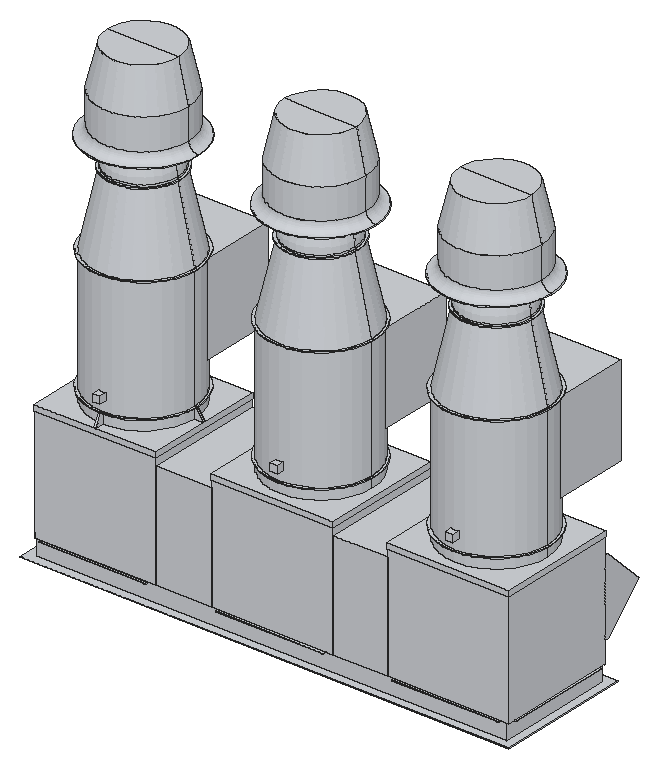
Revit family "QMXVP_with_1X3", category Mechanical Equipment, Revit 2019 (continued)
Types (225): name | UNIT_RADIUS+4" | UNIT_RADIUS*.6 | UNIT_RADIUS | UNIT_RAD+((A/2)+.25")+4" | UNIT_RAD+((A/2)+.25") | UNIT_OD | UNIT_HEIGHT*.75 | UNIT_HEIGHT | TYPE | TRIP_G | TRIP_F | TRIPLE_F+1" | TRANSITION_TOP | RO2/2 | RO/2 | RO | NOZZLE_WB_RAD-2" | NOZZLE_WB_RAD | NOZZLE_WB/4 | NOZZLE_TOP_RAD | NOZZLE_TOP_OD | NOZZLE_SIZE | NOZZLE_HEIGHT/7*2 | NOZZLE_HEIGHT | NOZZLE_BOTTOM_RAD | NOZZLE_WB_OD | NOZZLE_BOTTOM_ID | MB_HT/2 | MB_HT-2.75" | MB_HT+.25" | MB_HT | MB_A | LONG_RO | GA | E | DUAL_G | DUAL_F+1" | DUAL_F | C/2 | C | B/2 | B | A/2 | A+.5 | A | Type Comments | Model | -A | (NOZZLE_WB_OD-NOZZLE_TOP_OD)/2 | (NOZZLE_HEIGHT-(NOZZLE_HEIGHT/8*2))/2 | (A/2)-2" | (A/2)+.25"
  445_QMXHPVP-30H-1X3_Mixing_Box | 2' - 11 17/32" | 2' - 4.37812" | 2' - 7 17/32" | 6' - 0 25/32" | 5' - 8 25/32" | 5' - 3 1/16" | 4' - 7 1/2" | 6' - 2" | 1' - 0" | 22' - 3 3/8" | 22' - 5" | 22' - 6" | 10' - 1 1/4" | 2' - 9 7/32" | 2' - 9 7/32" | 5' - 6 7/16" | 2' - 11" | 3' - 1" | 1' - 2.8" | 1' - 10 3/4" | 3' - 9 1/2" | 30' - 0" | 1' - 7 1/2" | 6' - 6" | 1' - 9 1/4" | 6' - 2" | 3' - 6 1/2" | 3' - 1 27/32" | 6' - 0 15/16" | 6' - 3 15/16" | 6' - 3 11/16" | 8' - 6" | 21' - 9 1/8" | 0' - 0 27/256" | 6' - 0 5/8" | 14' - 2" | 14' - 4 3/4" | 14' - 3 3/4" | 3' - 11 1/2" | 7' - 11" | 8' - 4 1/2" | 16' - 9" | 3' - 1" | 6' - 2 1/2" | 6' - 2" | "Vari-Plume Laboratory Exhaust Mixed-Flow High Pressure Inline Belt Drive With 1X3 Mixing Box\r\n" | "QMXHPVP-1X3_Mixing Box" | -6' - 2" | 0' - 7 1/8" | 2' - 5 1/4" | 2' - 11" | 3' - 1 1/4"
  445_QMXHPVP-30L-1X3_Mixing_Box | 2' - 11 17/32" | 2' - 4.37812" | 2' - 7 17/32" | 6' - 0 25/32" | 5' - 8 25/32" | 5' - 3 1/16" | 4' - 7 1/2" | 6' - 2" | 1' - 0" | 22' - 3 3/8" | 22' - 5" | 22' - 6" | 10' - 1 1/4" | 2' - 9 7/32" | 2' - 9 7/32" | 5' - 6 7/16" | 2' - 11" | 3' - 1" | 1' - 2.8" | 1' - 10 3/4" | 3' - 9 1/2" | 30' - 0" | 1' - 7 1/2" | 6' - 6" | 1' - 9 1/4" | 6' - 2" | 3' - 6 1/2" | 3' - 1 27/32" | 6' - 0 15/16" | 6' - 3 15/16" | 6' - 3 11/16" | 8' - 6" | 21' - 9 1/8" | 0' - 0 27/256" | 6' - 0 5/8" | 14' - 2" | 14' - 4 3/4" | 14' - 3 3/4" | 3' - 11 1/2" | 7' - 11" | 8' - 4 1/2" | 16' - 9" | 3' - 1" | 6' - 2 1/2" | 6' - 2" | "Vari-Plume Laboratory Exhaust Mixed-Flow High Pressure Inline Belt Drive With 1X3 Mixing Box\r\n" | "QMXHPVP-1X3_Mixing Box" | -6' - 2" | 0' - 7 1/8" | 2' - 5 1/4" | 2' - 11" | 3' - 1 1/4"
  445_QMXHPVP-36H-1X3_Mixing_Box | 2' - 11 17/32" | 2' - 4.37812" | 2' - 7 17/32" | 6' - 0 25/32" | 5' - 8 25/32" | 5' - 3 1/16" | 4' - 7 1/2" | 6' - 2" | 1' - 0" | 22' - 3 3/8" | 22' - 5" | 22' - 6" | 8' - 7 1/4" | 2' - 9 7/32" | 2' - 9 7/32" | 5' - 6 7/16" | 3' - 7" | 3' - 9" | 1' - 6" | 2' - 5" | 4' - 10" | 36' - 0" | 1' - 11 3/4" | 7' - 11" | 2' - 1 7/8" | 7' - 6" | 4' - 3 3/4" | 3' - 1 27/32" | 6' - 0 15/16" | 6' - 3 15/16" | 6' - 3 11/16" | 8' - 6" | 21' - 9 1/8" | 0' - 0 27/256" | 6' - 0 5/8" | 14' - 2" | 14' - 4 3/4" | 14' - 3 3/4" | 3' - 11 1/2" | 7' - 11" | 8' - 4 1/2" | 16' - 9" | 3' - 1" | 6' - 2 1/2" | 6' - 2" | "Vari-Plume Laboratory Exhaust Mixed-Flow High Pressure Inline Belt Drive With 1X3 Mixing Box\r\n" | "QMXHPVP-1X3_Mixing Box" | -6' - 2" | 0' - 8" | 2' - 11 5/8" | 2' - 11" | 3' - 1 1/4"
  445_QMXHPVP-36L-1X3_Mixing_Box | 2' - 11 17/32" | 2' - 4.37812" | 2' - 7 17/32" | 6' - 0 25/32" | 5' - 8 25/32" | 5' - 3 1/16" | 4' - 7 1/2" | 6' - 2" | 1' - 0" | 22' - 3 3/8" | 22' - 5" | 22' - 6" | 8' - 7 1/4" | 2' - 9 7/32" | 2' - 9 7/32" | 5' - 6 7/16" | 3' - 7" | 3' - 9" | 1' - 6" | 2' - 5" | 4' - 10" | 36' - 0" | 1' - 11 3/4" | 7' - 11" | 2' - 1 7/8" | 7' - 6" | 4' - 3 3/4" | 3' - 1 27/32" | 6' - 0 15/16" | 6' - 3 15/16" | 6' - 3 11/16" | 8' - 6" | 21' - 9 1/8" | 0' - 0 27/256" | 6' - 0 5/8" | 14' - 2" | 14' - 4 3/4" | 14' - 3 3/4" | 3' - 11 1/2" | 7' - 11" | 8' - 4 1/2" | 16' - 9" | 3' - 1" | 6' - 2 1/2" | 6' - 2" | "Vari-Plume Laboratory Exhaust Mixed-Flow High Pressure Inline Belt Drive With 1X3 Mixing Box\r\n" | "QMXHPVP-1X3_Mixing Box" | -6' - 2" | 0' - 8" | 2' - 11 5/8" | 2' - 11" | 3' - 1 1/4"
  490_QMXHPVP-30H-1X3_Mixing_Box | 3' - 2 11/16" | 2' - 7 7/32" | 2' - 10 11/16" | 6' - 6 15/16" | 6' - 2 15/16" | 5' - 9 3/8" | 5' - 0 3/8" | 6' - 8 1/2" | 1' - 0" | 25' - 3 1/2" | 25' - 5" | 25' - 6" | 11' - 7 3/4" | 3' - 0 1/8" | 3' - 0 1/8" | 6' - 0 1/4" | 2' - 11" | 3' - 1" | 1' - 2.8" | 1' - 10 3/4" | 3' - 9 1/2" | 30' - 0" | 1' - 7 1/2" | 6' - 6" | 1' - 9 1/4" | 6' - 2" | 3' - 6 1/2" | 3' - 7 15/32" | 7' - 0 3/16" | 7' - 3 3/16" | 7' - 2 15/16" | 9' - 5" | 24' - 9 1/4" | 0' - 0 17/128" | 6' - 6 1/2" | 15' - 11" | 16' - 1 3/4" | 16' - 0 3/4" | 4' - 3 1/2" | 8' - 7" | 9' - 1 1/2" | 18' - 3" | 3' - 4" | 6' - 8 1/2" | 6' - 8" | "Vari-Plume Laboratory Exhaust Mixed-Flow High Pressure Inline Belt Drive With 1X3 Mixing Box\r\n" | "QMXHPVP-1X3_Mixing Box" | -6' - 8" | 0' - 7 1/8" | 2' - 5 1/4" | 3' - 2" | 3' - 4 1/4"
  490_QMXHPVP-30L-1X3_Mixing_Box | 3' - 2 11/16" | 2' - 7 7/32" | 2' - 10 11/16" | 6' - 6 15/16" | 6' - 2 15/16" | 5' - 9 3/8" | 5' - 0 3/8" | 6' - 8 1/2" | 1' - 0" | 25' - 3 1/2" | 25' - 5" | 25' - 6" | 11' - 7 3/4" | 3' - 0 1/8" | 3' - 0 1/8" | 6' - 0 1/4" | 2' - 11" | 3' - 1" | 1' - 2.8" | 1' - 10 3/4" | 3' - 9 1/2" | 30' - 0" | 1' - 7 1/2" | 6' - 6" | 1' - 9 1/4" | 6' - 2" | 3' - 6 1/2" | 3' - 7 15/32" | 7' - 0 3/16" | 7' - 3 3/16" | 7' - 2 15/16" | 9' - 5" | 24' - 9 1/4" | 0' - 0 17/128" | 6' - 6 1/2" | 15' - 11" | 16' - 1 3/4" | 16' - 0 3/4" | 4' - 3 1/2" | 8' - 7" | 9' - 1 1/2" | 18' - 3" | 3' - 4" | 6' - 8 1/2" | 6' - 8" | "Vari-Plume Laboratory Exhaust Mixed-Flow High Pressure Inline Belt Drive With 1X3 Mixing Box\r\n" | "QMXHPVP-1X3_Mixing Box" | -6' - 8" | 0' - 7 1/8" | 2' - 5 1/4" | 3' - 2" | 3' - 4 1/4"
  490_QMXHPVP-36H-1X3_Mixing_Box | 3' - 2 11/16" | 2' - 7 7/32" | 2' - 10 11/16" | 6' - 6 15/16" | 6' - 2 15/16" | 5' - 9 3/8" | 5' - 0 3/8" | 6' - 8 1/2" | 1' - 0" | 25' - 3 1/2" | 25' - 5" | 25' - 6" | 10' - 2 3/4" | 3' - 0 1/8" | 3' - 0 1/8" | 6' - 0 1/4" | 3' - 7" | 3' - 9" | 1' - 6" | 2' - 5" | 4' - 10" | 36' - 0" | 1' - 11 3/4" | 7' - 11" | 2' - 1 7/8" | 7' - 6" | 4' - 3 3/4" | 3' - 7 15/32" | 7' - 0 3/16" | 7' - 3 3/16" | 7' - 2 15/16" | 9' - 5" | 24' - 9 1/4" | 0' - 0 17/128" | 6' - 6 1/2" | 15' - 11" | 16' - 1 3/4" | 16' - 0 3/4" | 4' - 3 1/2" | 8' - 7" | 9' - 1 1/2" | 18' - 3" | 3' - 4" | 6' - 8 1/2" | 6' - 8" | "Vari-Plume Laboratory Exhaust Mixed-Flow High Pressure Inline Belt Drive With 1X3 Mixing Box\r\n" | "QMXHPVP-1X3_Mixing Box" | -6' - 8" | 0' - 8" | 2' - 11 5/8" | 3' - 2" | 3' - 4 1/4"
  490_QMXHPVP-36L-1X3_Mixing_Box | 3' - 2 11/16" | 2' - 7 7/32" | 2' - 10 11/16" | 6' - 6 15/16" | 6' - 2 15/16" | 5' - 9 3/8" | 5' - 0 3/8" | 6' - 8 1/2" | 1' - 0" | 25' - 3 1/2" | 25' - 5" | 25' - 6" | 10' - 2 3/4" | 3' - 0 1/8" | 3' - 0 1/8" | 6' - 0 1/4" | 3' - 7" | 3' - 9" | 1' - 6" | 2' - 5" | 4' - 10" | 36' - 0" | 1' - 11 3/4" | 7' - 11" | 2' - 1 7/8" | 7' - 6" | 4' - 3 3/4" | 3' - 7 15/32" | 7' - 0 3/16" | 7' - 3 3/16" | 7' - 2 15/16" | 9' - 5" | 24' - 9 1/4" | 0' - 0 17/128" | 6' - 6 1/2" | 15' - 11" | 16' - 1 3/4" | 16' - 0 3/4" | 4' - 3 1/2" | 8' - 7" | 9' - 1 1/2" | 18' - 3" | 3' - 4" | 6' - 8 1/2" | 6' - 8" | "Vari-Plume Laboratory Exhaust Mixed-Flow High Pressure Inline Belt Drive With 1X3 Mixing Box\r\n" | "QMXHPVP-1X3_Mixing Box" | -6' - 8" | 0' - 8" | 2' - 11 5/8" | 3' - 2" | 3' - 4 1/4"
  540_QMXHPVP-36H-1X3_Mixing_Box | 3' - 6 7/32" | 2' - 10.39687" | 3' - 2 7/32" | 7' - 3 15/32" | 6' - 11 15/32" | 6' - 4 7/16" | 5' - 5 1/4" | 7' - 3" | 1' - 0" | 26' - 4 3/8" | 26' - 6" | 26' - 7" | 11' - 10 1/4" | 3' - 4 9/16" | 3' - 3 9/16" | 6' - 7 1/8" | 3' - 7" | 3' - 9" | 1' - 6" | 2' - 5" | 4' - 10" | 36' - 0" | 1' - 11 3/4" | 7' - 11" | 2' - 1 7/8" | 7' - 6" | 4' - 3 3/4" | 4' - 1 27/32" | 8' - 0 15/16" | 8' - 3 15/16" | 8' - 3 11/16" | 10' - 6" | 25' - 10 1/8" | 0' - 0 17/128" | 7' - 1 3/8" | 16' - 8 7/8" | 17' - 1 1/4" | 17' - 0 1/4" | 4' - 7 1/2" | 9' - 3" | 9' - 11 1/2" | 19' - 11" | 3' - 9" | 7' - 6 1/2" | 7' - 6" | "Vari-Plume Laboratory Exhaust Mixed-Flow High Pressure Inline Belt Drive With 1X3 Mixing Box\r\n" | "QMXHPVP-1X3_Mixing Box" | -7' - 6" | 0' - 8" | 2' - 11 5/8" | 3' - 7" | 3' - 9 1/4"
  540_QMXHPVP-36L-1X3_Mixing_Box | 3' - 6 7/32" | 2' - 10.39687" | 3' - 2 7/32" | 7' - 3 15/32" | 6' - 11 15/32" | 6' - 4 7/16" | 5' - 5 1/4" | 7' - 3" | 1' - 0" | 26' - 4 3/8" | 26' - 6" | 26' - 7" | 11' - 10 1/4" | 3' - 4 9/16" | 3' - 3 9/16" | 6' - 7 1/8" | 3' - 7" | 3' - 9" | 1' - 6" | 2' - 5" | 4' - 10" | 36' - 0" | 1' - 11 3/4" | 7' - 11" | 2' - 1 7/8" | 7' - 6" | 4' - 3 3/4" | 4' - 1 27/32" | 8' - 0 15/16" | 8' - 3 15/16" | 8' - 3 11/16" | 10' - 6" | 25' - 10 1/8" | 0' - 0 17/128" | 7' - 1 3/8" | 16' - 8 7/8" | 17' - 1 1/4" | 17' - 0 1/4" | 4' - 7 1/2" | 9' - 3" | 9' - 11 1/2" | 19' - 11" | 3' - 9" | 7' - 6 1/2" | 7' - 6" | "Vari-Plume Laboratory Exhaust Mixed-Flow High Pressure Inline Belt Drive With 1X3 Mixing Box\r\n" | "QMXHPVP-1X3_Mixing Box" | -7' - 6" | 0' - 8" | 2' - 11 5/8" | 3' - 7" | 3' - 9 1/4"
  540_QMXHPVP-49H-1X3_Mixing_Box | 3' - 6 7/32" | 2' - 10.39687" | 3' - 2 7/32" | 7' - 3 15/32" | 6' - 11 15/32" | 6' - 4 7/16" | 5' - 5 1/4" | 7' - 3" | 1' - 0" | 26' - 4 3/8" | 26' - 6" | 26' - 7" | 10' - 1 1/4" | 3' - 4 9/16" | 3' - 3 9/16" | 6' - 7 1/8" | 4' - 0 1/2" | 4' - 2 1/2" | 1' - 8.2" | 3' - 2" | 6' - 4" | 49' - 0" | 2' - 3 1/2" | 9' - 2" | 2' - 10 11/16" | 8' - 5" | 5' - 9 3/8" | 4' - 1 27/32" | 8' - 0 15/16" | 8' - 3 15/16" | 8' - 3 11/16" | 10' - 6" | 25' - 10 1/8" | 0' - 0 17/128" | 7' - 1 3/8" | 16' - 8 7/8" | 17' - 1 1/4" | 17' - 0 1/4" | 4' - 7 1/2" | 9' - 3" | 9' - 11 1/2" | 19' - 11" | 3' - 9" | 7' - 6 1/2" | 7' - 6" | "Vari-Plume Laboratory Exhaust Mixed-Flow High Pressure Inline Belt Drive With 1X3 Mixing Box\r\n" | "QMXHPVP-1X3_Mixing Box" | -7' - 6" | 0' - 6 1/4" | 3' - 5 1/4" | 3' - 7" | 3' - 9 1/4"
  540_QMXHPVP-49L-1X3_Mixing_Box | 3' - 6 7/32" | 2' - 10.39687" | 3' - 2 7/32" | 7' - 3 15/32" | 6' - 11 15/32" | 6' - 4 7/16" | 5' - 5 1/4" | 7' - 3" | 1' - 0" | 26' - 4 3/8" | 26' - 6" | 26' - 7" | 10' - 1 1/4" | 3' - 4 9/16" | 3' - 3 9/16" | 6' - 7 1/8" | 4' - 0 1/2" | 4' - 2 1/2" | 1' - 8.2" | 3' - 2" | 6' - 4" | 49' - 0" | 2' - 3 1/2" | 9' - 2" | 2' - 10 11/16" | 8' - 5" | 5' - 9 3/8" | 4' - 1 27/32" | 8' - 0 15/16" | 8' - 3 15/16" | 8' - 3 11/16" | 10' - 6" | 25' - 10 1/8" | 0' - 0 17/128" | 7' - 1 3/8" | 16' - 8 7/8" | 17' - 1 1/4" | 17' - 0 1/4" | 4' - 7 1/2" | 9' - 3" | 9' - 11 1/2" | 19' - 11" | 3' - 9" | 7' - 6 1/2" | 7' - 6" | "Vari-Plume Laboratory Exhaust Mixed-Flow High Pressure Inline Belt Drive With 1X3 Mixing Box\r\n" | "QMXHPVP-1X3_Mixing Box" | -7' - 6" | 0' - 6 1/4" | 3' - 5 1/4" | 3' - 7" | 3' - 9 1/4"
  600_QMXHPVP-36H-1X3_Mixing_Box | 3' - 10 7/16" | 3' - 2.19375" | 3' - 6 7/16" | 8' - 1 3/16" | 7' - 9 3/16" | 7' - 0 7/8" | 5' - 11 5/8" | 7' - 11 1/2" | 1' - 0" | 27' - 5 3/8" | 27' - 7" | 27' - 8" | 14' - 2 3/4" | 3' - 10 1/2" | 3' - 8 1/32" | 7' - 4 1/16" | 3' - 7" | 3' - 9" | 1' - 6" | 2' - 5" | 4' - 10" | 36' - 0" | 1' - 11 3/4" | 7' - 11" | 2' - 1 7/8" | 7' - 6" | 4' - 3 3/4" | 4' - 10 19/32" | 9' - 6 7/16" | 9' - 9 7/16" | 9' - 9 3/16" | 12' - 0" | 26' - 11 1/8" | 0' - 0 23/128" | 7' - 10 3/8" | 17' - 7 7/8" | 18' - 1 1/4" | 18' - 0 1/4" | 5' - 1" | 10' - 2" | 10' - 11 1/2" | 21' - 11" | 4' - 2 1/2" | 8' - 5 1/2" | 8' - 5" | "Vari-Plume Laboratory Exhaust Mixed-Flow High Pressure Inline Belt Drive With 1X3 Mixing Box\r\n" | "QMXHPVP-1X3_Mixing Box" | -8' - 5" | 0' - 8" | 2' - 11 5/8" | 4' - 0 1/2" | 4' - 2 3/4"
  600_QMXHPVP-36L-1X3_Mixing_Box | 3' - 10 7/16" | 3' - 2.19375" | 3' - 6 7/16" | 8' - 1 3/16" | 7' - 9 3/16" | 7' - 0 7/8" | 5' - 11 5/8" | 7' - 11 1/2" | 1' - 0" | 27' - 5 3/8" | 27' - 7" | 27' - 8" | 14' - 2 3/4" | 3' - 10 1/2" | 3' - 8 1/32" | 7' - 4 1/16" | 3' - 7" | 3' - 9" | 1' - 6" | 2' - 5" | 4' - 10" | 36' - 0" | 1' - 11 3/4" | 7' - 11" | 2' - 1 7/8" | 7' - 6" | 4' - 3 3/4" | 4' - 10 19/32" | 9' - 6 7/16" | 9' - 9 7/16" | 9' - 9 3/16" | 12' - 0" | 26' - 11 1/8" | 0' - 0 23/128" | 7' - 10 3/8" | 17' - 7 7/8" | 18' - 1 1/4" | 18' - 0 1/4" | 5' - 1" | 10' - 2" | 10' - 11 1/2" | 21' - 11" | 4' - 2 1/2" | 8' - 5 1/2" | 8' - 5" | "Vari-Plume Laboratory Exhaust Mixed-Flow High Pressure Inline Belt Drive With 1X3 Mixing Box\r\n" | "QMXHPVP-1X3_Mixing Box" | -8' - 5" | 0' - 8" | 2' - 11 5/8" | 4' - 0 1/2" | 4' - 2 3/4"
  600_QMXHPVP-49H-1X3_Mixing_Box | 3' - 10 7/16" | 3' - 2.19375" | 3' - 6 7/16" | 8' - 1 3/16" | 7' - 9 3/16" | 7' - 0 7/8" | 5' - 11 5/8" | 7' - 11 1/2" | 1' - 0" | 27' - 5 3/8" | 27' - 7" | 27' - 8" | 12' - 4 3/4" | 3' - 10 1/2" | 3' - 8 1/32" | 7' - 4 1/16" | 4' - 0 1/2" | 4' - 2 1/2" | 1' - 8.2" | 3' - 2" | 6' - 4" | 49' - 0" | 2' - 3 1/2" | 9' - 2" | 2' - 10 11/16" | 8' - 5" | 5' - 9 3/8" | 4' - 10 19/32" | 9' - 6 7/16" | 9' - 9 7/16" | 9' - 9 3/16" | 12' - 0" | 26' - 11 1/8" | 0' - 0 23/128" | 7' - 10 3/8" | 17' - 7 7/8" | 18' - 1 1/4" | 18' - 0 1/4" | 5' - 1" | 10' - 2" | 10' - 11 1/2" | 21' - 11" | 4' - 2 1/2" | 8' - 5 1/2" | 8' - 5" | "Vari-Plume Laboratory Exhaust Mixed-Flow High Pressure Inline Belt Drive With 1X3 Mixing Box\r\n" | "QMXHPVP-1X3_Mixing Box" | -8' - 5" | 0' - 6 1/4" | 3' - 5 1/4" | 4' - 0 1/2" | 4' - 2 3/4"
  600_QMXHPVP-49L-1X3_Mixing_Box | 3' - 10 7/16" | 3' - 2.19375" | 3' - 6 7/16" | 8' - 1 3/16" | 7' - 9 3/16" | 7' - 0 7/8" | 5' - 11 5/8" | 7' - 11 1/2" | 1' - 0" | 27' - 5 3/8" | 27' - 7" | 27' - 8" | 12' - 4 3/4" | 3' - 10 1/2" | 3' - 8 1/32" | 7' - 4 1/16" | 4' - 0 1/2" | 4' - 2 1/2" | 1' - 8.2" | 3' - 2" | 6' - 4" | 49' - 0" | 2' - 3 1/2" | 9' - 2" | 2' - 10 11/16" | 8' - 5" | 5' - 9 3/8" | 4' - 10 19/32" | 9' - 6 7/16" | 9' - 9 7/16" | 9' - 9 3/16" | 12' - 0" | 26' - 11 1/8" | 0' - 0 23/128" | 7' - 10 3/8" | 17' - 7 7/8" | 18' - 1 1/4" | 18' - 0 1/4" | 5' - 1" | 10' - 2" | 10' - 11 1/2" | 21' - 11" | 4' - 2 1/2" | 8' - 5 1/2" | 8' - 5" | "Vari-Plume Laboratory Exhaust Mixed-Flow High Pressure Inline Belt Drive With 1X3 Mixing Box\r\n" | "QMXHPVP-1X3_Mixing Box" | -8' - 5" | 0' - 6 1/4" | 3' - 5 1/4" | 4' - 0 1/2" | 4' - 2 3/4"
  90_QMXHPVP-9H-1X3_Mixing_Box | 0' - 10 13/32" | 0' - 5 49/64" | 0' - 6 13/32" | 2' - 0 21/32" | 1' - 8 21/32" | 1' - 0 13/16" | 1' - 2 29/32" | 1' - 7 7/8" | 1' - 0" | 8' - 3 1/2" | 8' - 4" | 8' - 5" | 3' - 1 1/16" | 0' - 10 1/2" | 0' - 10 1/2" | 1' - 9" | 0' - 9 1/2" | 0' - 11 1/2" | 0' - 4.6" | 0' - 6 3/4" | 1' - 1 1/2" | 9' - 0" | 0' - 7" | 2' - 4" | 0' - 6 13/32" | 1' - 11" | 1' - 0 13/16" | 1' - 2 19/32" | 2' - 2 7/16" | 2' - 5 7/16" | 2' - 5 3/16" | 2' - 10" | 7' - 9 1/4" | 0' - 0 27/256" | 2' - 3 3/16" | 5' - 3 5/16" | 5' - 5 1/4" | 5' - 4 1/4" | 1' - 3" | 2' - 6" | 2' - 8 1/2" | 5' - 5" | 1' - 2" | 2' - 4 1/2" | 2' - 4" | "Vari-Plume Laboratory Exhaust Mixed-Flow High Pressure Inline Belt Drive With 1X3 Mixing Box\r\n" | "QMXHPVP-1X3_Mixing Box" | -2' - 4" | 0' - 2 3/8" | 0' - 10 1/2" | 1' - 0" | 1' - 2 1/4"
  90_QMXHPVP-9L-1X3_Mixing_Box | 0' - 10 13/32" | 0' - 5 49/64" | 0' - 6 13/32" | 2' - 0 21/32" | 1' - 8 21/32" | 1' - 0 13/16" | 1' - 2 29/32" | 1' - 7 7/8" | 1' - 0" | 8' - 3 1/2" | 8' - 4" | 8' - 5" | 3' - 1 1/16" | 0' - 10 1/2" | 0' - 10 1/2" | 1' - 9" | 0' - 9 1/2" | 0' - 11 1/2" | 0' - 4.6" | 0' - 6 3/4" | 1' - 1 1/2" | 9' - 0" | 0' - 7" | 2' - 4" | 0' - 6 13/32" | 1' - 11" | 1' - 0 13/16" | 1' - 2 19/32" | 2' - 2 7/16" | 2' - 5 7/16" | 2' - 5 3/16" | 2' - 10" | 7' - 9 1/4" | 0' - 0 27/256" | 2' - 3 3/16" | 5' - 3 5/16" | 5' - 5 1/4" | 5' - 4 1/4" | 1' - 3" | 2' - 6" | 2' - 8 1/2" | 5' - 5" | 1' - 2" | 2' - 4 1/2" | 2' - 4" | "Vari-Plume Laboratory Exhaust Mixed-Flow High Pressure Inline Belt Drive With 1X3 Mixing Box\r\n" | "QMXHPVP-1X3_Mixing Box" | -2' - 4" | 0' - 2 3/8" | 0' - 10 1/2" | 1' - 0" | 1' - 2 1/4"
  490_QMXVP-49L-1X3_Mixing_Box | 3' - 2 11/16" | 2' - 7 7/32" | 2' - 10 11/16" | 6' - 6 15/16" | 6' - 2 15/16" | 5' - 9 3/8" | 5' - 0 3/8" | 6' - 8 1/2" | 0' - 0" | 25' - 3 1/2" | 25' - 5" | 25' - 6" | 8' - 0 3/4" | 3' - 0 1/8" | 3' - 0 1/8" | 6' - 0 1/4" | 4' - 0 1/2" | 4' - 2 1/2" | 1' - 8.2" | 3' - 2" | 6' - 4" | 49' - 0" | 2' - 3 1/2" | 9' - 2" | 2' - 10 11/16" | 8' - 5" | 5' - 9 3/8" | 3' - 7 15/32" | 7' - 0 3/16" | 7' - 3 3/16" | 7' - 2 15/16" | 9' - 5" | 24' - 9 1/4" | 0' - 0 17/128" | 6' - 6 1/2" | 15' - 11" | 16' - 1 3/4" | 16' - 0 3/4" | 4' - 3 1/2" | 8' - 7" | 9' - 1 1/2" | 18' - 3" | 3' - 4" | 6' - 8 1/2" | 6' - 8" | "Vari-Plume Laboratory Exhaust Mixed-Flow Inline Belt Drive With 1X3 Mixing Box\r\n" | "QMXVP-1X3_Mixing Box" | -6' - 8" | 0' - 6 1/4" | 3' - 5 1/4" | 3' - 2" | 3' - 4 1/4"
  490_QMXHPVP-49H-1X3_Mixing_Box | 3' - 2 11/16" | 2' - 7 7/32" | 2' - 10 11/16" | 6' - 6 15/16" | 6' - 2 15/16" | 5' - 9 3/8" | 5' - 0 3/8" | 6' - 8 1/2" | 1' - 0" | 25' - 3 1/2" | 25' - 5" | 25' - 6" | 8' - 0 3/4" | 3' - 0 1/8" | 3' - 0 1/8" | 6' - 0 1/4" | 4' - 0 1/2" | 4' - 2 1/2" | 1' - 8.2" | 3' - 2" | 6' - 4" | 49' - 0" | 2' - 3 1/2" | 9' - 2" | 2' - 10 11/16" | 8' - 5" | 5' - 9 3/8" | 3' - 7 15/32" | 7' - 0 3/16" | 7' - 3 3/16" | 7' - 2 15/16" | 9' - 5" | 24' - 9 1/4" | 0' - 0 17/128" | 6' - 6 1/2" | 15' - 11" | 16' - 1 3/4" | 16' - 0 3/4" | 4' - 3 1/2" | 8' - 7" | 9' - 1 1/2" | 18' - 3" | 3' - 4" | 6' - 8 1/2" | 6' - 8" | "Vari-Plume Laboratory Exhaust Mixed-Flow High Pressure Inline Belt Drive With 1X3 Mixing Box\r\n" | "QMXHPVP-1X3_Mixing Box" | -6' - 8" | 0' - 6 1/4" | 3' - 5 1/4" | 3' - 2" | 3' - 4 1/4"
  490_QMXHPVP-49L-1X3_Mixing_Box | 3' - 2 11/16" | 2' - 7 7/32" | 2' - 10 11/16" | 6' - 6 15/16" | 6' - 2 15/16" | 5' - 9 3/8" | 5' - 0 3/8" | 6' - 8 1/2" | 1' - 0" | 25' - 3 1/2" | 25' - 5" | 25' - 6" | 8' - 0 3/4" | 3' - 0 1/8" | 3' - 0 1/8" | 6' - 0 1/4" | 4' - 0 1/2" | 4' - 2 1/2" | 1' - 8.2" | 3' - 2" | 6' - 4" | 49' - 0" | 2' - 3 1/2" | 9' - 2" | 2' - 10 11/16" | 8' - 5" | 5' - 9 3/8" | 3' - 7 15/32" | 7' - 0 3/16" | 7' - 3 3/16" | 7' - 2 15/16" | 9' - 5" | 24' - 9 1/4" | 0' - 0 17/128" | 6' - 6 1/2" | 15' - 11" | 16' - 1 3/4" | 16' - 0 3/4" | 4' - 3 1/2" | 8' - 7" | 9' - 1 1/2" | 18' - 3" | 3' - 4" | 6' - 8 1/2" | 6' - 8" | "Vari-Plume Laboratory Exhaust Mixed-Flow High Pressure Inline Belt Drive With 1X3 Mixing Box\r\n" | "QMXHPVP-1X3_Mixing Box" | -6' - 8" | 0' - 6 1/4" | 3' - 5 1/4" | 3' - 2" | 3' - 4 1/4"
  202_QMXHPVP-21H-1X3_Mixing_Box | 1' - 6 3/8" | 1' - 0 15/16" | 1' - 2 3/8" | 3' - 1 5/8" | 2' - 9 5/8" | 2' - 4 3/4" | 2' - 4 1/8" | 3' - 1 1/2" | 1' - 0" | 11' - 9 1/4" | 11' - 10" | 11' - 11" | 4' - 3 5/8" | 1' - 3 3/8" | 1' - 3 3/8" | 2' - 6 3/4" | 1' - 10 1/2" | 2' - 0 1/2" | 0' - 9.8" | 1' - 3 3/8" | 2' - 6 3/4" | 21' - 0" | 1' - 1 3/16" | 4' - 4 3/4" | 1' - 2 3/8" | 4' - 1" | 2' - 4 3/4" | 1' - 8 19/32" | 3' - 2 7/16" | 3' - 5 7/16" | 3' - 5 3/16" | 4' - 1" | 11' - 3" | 0' - 0 27/256" | 3' - 0 15/16" | 7' - 5 1/8" | 7' - 7 1/4" | 7' - 6 1/4" | 2' - 1" | 4' - 2" | 4' - 4" | 8' - 8" | 1' - 7" | 3' - 2 1/2" | 3' - 2" | "Vari-Plume Laboratory Exhaust Mixed-Flow High Pressure Inline Belt Drive With 1X3 Mixing Box\r\n" | "QMXHPVP-1X3_Mixing Box" | -3' - 2" | 0' - 4 9/16" | 1' - 7 25/32" | 1' - 5" | 1' - 7 1/4"
  202_QMXHPVP-21L-1X3_Mixing_Box | 1' - 6 3/8" | 1' - 0 15/16" | 1' - 2 3/8" | 3' - 1 5/8" | 2' - 9 5/8" | 2' - 4 3/4" | 2' - 4 1/8" | 3' - 1 1/2" | 1' - 0" | 11' - 9 1/4" | 11' - 10" | 11' - 11" | 4' - 3 5/8" | 1' - 3 3/8" | 1' - 3 3/8" | 2' - 6 3/4" | 1' - 10 1/2" | 2' - 0 1/2" | 0' - 9.8" | 1' - 3 3/8" | 2' - 6 3/4" | 21' - 0" | 1' - 1 3/16" | 4' - 4 3/4" | 1' - 2 3/8" | 4' - 1" | 2' - 4 3/4" | 1' - 8 19/32" | 3' - 2 7/16" | 3' - 5 7/16" | 3' - 5 3/16" | 4' - 1" | 11' - 3" | 0' - 0 27/256" | 3' - 0 15/16" | 7' - 5 1/8" | 7' - 7 1/4" | 7' - 6 1/4" | 2' - 1" | 4' - 2" | 4' - 4" | 8' - 8" | 1' - 7" | 3' - 2 1/2" | 3' - 2" | "Vari-Plume Laboratory Exhaust Mixed-Flow High Pressure Inline Belt Drive With 1X3 Mixing Box\r\n" | "QMXHPVP-1X3_Mixing Box" | -3' - 2" | 0' - 4 9/16" | 1' - 7 25/32" | 1' - 5" | 1' - 7 1/4"
  202_QMXVP-21H-1X3_Mixing_Box | 1' - 6 3/8" | 1' - 0 15/16" | 1' - 2 3/8" | 3' - 1 5/8" | 2' - 9 5/8" | 2' - 4 3/4" | 2' - 4 1/8" | 3' - 1 1/2" | 0' - 0" | 11' - 9 1/4" | 11' - 10" | 11' - 11" | 4' - 3 5/8" | 1' - 3 3/8" | 1' - 3 3/8" | 2' - 6 3/4" | 1' - 10 1/2" | 2' - 0 1/2" | 0' - 9.8" | 1' - 3 3/8" | 2' - 6 3/4" | 21' - 0" | 1' - 1 3/16" | 4' - 4 3/4" | 1' - 2 3/8" | 4' - 1" | 2' - 4 3/4" | 1' - 8 19/32" | 3' - 2 7/16" | 3' - 5 7/16" | 3' - 5 3/16" | 4' - 1" | 11' - 3" | 0' - 0 27/256" | 3' - 0 15/16" | 7' - 5 1/8" | 7' - 7 1/4" | 7' - 6 1/4" | 2' - 1" | 4' - 2" | 4' - 4" | 8' - 8" | 1' - 7" | 3' - 2 1/2" | 3' - 2" | "Vari-Plume Laboratory Exhaust Mixed-Flow Inline Belt Drive With 1X3 Mixing Box\r\n" | "QMXVP-1X3_Mixing Box" | -3' - 2" | 0' - 4 9/16" | 1' - 7 25/32" | 1' - 5" | 1' - 7 1/4"
  202_QMXVP-21L-1X3_Mixing_Box | 1' - 6 3/8" | 1' - 0 15/16" | 1' - 2 3/8" | 3' - 1 5/8" | 2' - 9 5/8" | 2' - 4 3/4" | 2' - 4 1/8" | 3' - 1 1/2" | 0' - 0" | 11' - 9 1/4" | 11' - 10" | 11' - 11" | 4' - 3 5/8" | 1' - 3 3/8" | 1' - 3 3/8" | 2' - 6 3/4" | 1' - 10 1/2" | 2' - 0 1/2" | 0' - 9.8" | 1' - 3 3/8" | 2' - 6 3/4" | 21' - 0" | 1' - 1 3/16" | 4' - 4 3/4" | 1' - 2 3/8" | 4' - 1" | 2' - 4 3/4" | 1' - 8 19/32" | 3' - 2 7/16" | 3' - 5 7/16" | 3' - 5 3/16" | 4' - 1" | 11' - 3" | 0' - 0 27/256" | 3' - 0 15/16" | 7' - 5 1/8" | 7' - 7 1/4" | 7' - 6 1/4" | 2' - 1" | 4' - 2" | 4' - 4" | 8' - 8" | 1' - 7" | 3' - 2 1/2" | 3' - 2" | "Vari-Plume Laboratory Exhaust Mixed-Flow Inline Belt Drive With 1X3 Mixing Box\r\n" | "QMXVP-1X3_Mixing Box" | -3' - 2" | 0' - 4 9/16" | 1' - 7 25/32" | 1' - 5" | 1' - 7 1/4"
  225_QMXHPVP-21H-1X3_Mixing_Box | 1' - 7 31/32" | 1' - 2.37188" | 1' - 3 31/32" | 3' - 5 7/32" | 3' - 1 7/32" | 2' - 7 15/16" | 2' - 6 3/4" | 3' - 5" | 1' - 0" | 11' - 11 1/4" | 12' - 0" | 12' - 1" | 5' - 1 1/8" | 1' - 5 3/8" | 1' - 5 3/8" | 2' - 10 3/4" | 1' - 10 1/2" | 2' - 0 1/2" | 0' - 9.8" | 1' - 3 3/8" | 2' - 6 3/4" | 21' - 0" | 1' - 1 3/16" | 4' - 4 3/4" | 1' - 2 3/8" | 4' - 1" | 2' - 4 3/4" | 1' - 9 19/32" | 3' - 4 7/16" | 3' - 7 7/16" | 3' - 7 3/16" | 4' - 6" | 11' - 5" | 0' - 0 27/256" | 3' - 4 15/16" | 7' - 8 1/8" | 7' - 10 1/4" | 7' - 9 1/4" | 2' - 4" | 4' - 8" | 4' - 8 1/2" | 9' - 5" | 1' - 9" | 3' - 6 1/2" | 3' - 6" | "Vari-Plume Laboratory Exhaust Mixed-Flow High Pressure Inline Belt Drive With 1X3 Mixing Box\r\n" | "QMXHPVP-1X3_Mixing Box" | -3' - 6" | 0' - 4 9/16" | 1' - 7 25/32" | 1' - 7" | 1' - 9 1/4"
  225_QMXHPVP-21L-1X3_Mixing_Box | 1' - 7 31/32" | 1' - 2.37188" | 1' - 3 31/32" | 3' - 5 7/32" | 3' - 1 7/32" | 2' - 7 15/16" | 2' - 6 3/4" | 3' - 5" | 1' - 0" | 11' - 11 1/4" | 12' - 0" | 12' - 1" | 5' - 1 1/8" | 1' - 5 3/8" | 1' - 5 3/8" | 2' - 10 3/4" | 1' - 10 1/2" | 2' - 0 1/2" | 0' - 9.8" | 1' - 3 3/8" | 2' - 6 3/4" | 21' - 0" | 1' - 1 3/16" | 4' - 4 3/4" | 1' - 2 3/8" | 4' - 1" | 2' - 4 3/4" | 1' - 9 19/32" | 3' - 4 7/16" | 3' - 7 7/16" | 3' - 7 3/16" | 4' - 6" | 11' - 5" | 0' - 0 27/256" | 3' - 4 15/16" | 7' - 8 1/8" | 7' - 10 1/4" | 7' - 9 1/4" | 2' - 4" | 4' - 8" | 4' - 8 1/2" | 9' - 5" | 1' - 9" | 3' - 6 1/2" | 3' - 6" | "Vari-Plume Laboratory Exhaust Mixed-Flow High Pressure Inline Belt Drive With 1X3 Mixing Box\r\n" | "QMXHPVP-1X3_Mixing Box" | -3' - 6" | 0' - 4 9/16" | 1' - 7 25/32" | 1' - 7" | 1' - 9 1/4"
  225_QMXVP-21H-1X3_Mixing_Box | 1' - 7 31/32" | 1' - 2.37188" | 1' - 3 31/32" | 3' - 5 7/32" | 3' - 1 7/32" | 2' - 7 15/16" | 2' - 6 3/4" | 3' - 5" | 0' - 0" | 11' - 11 1/4" | 12' - 0" | 12' - 1" | 5' - 1 1/8" | 1' - 5 3/8" | 1' - 5 3/8" | 2' - 10 3/4" | 1' - 10 1/2" | 2' - 0 1/2" | 0' - 9.8" | 1' - 3 3/8" | 2' - 6 3/4" | 21' - 0" | 1' - 1 3/16" | 4' - 4 3/4" | 1' - 2 3/8" | 4' - 1" | 2' - 4 3/4" | 1' - 9 19/32" | 3' - 4 7/16" | 3' - 7 7/16" | 3' - 7 3/16" | 4' - 6" | 11' - 5" | 0' - 0 27/256" | 3' - 4 15/16" | 7' - 8 1/8" | 7' - 10 1/4" | 7' - 9 1/4" | 2' - 4" | 4' - 8" | 4' - 8 1/2" | 9' - 5" | 1' - 9" | 3' - 6 1/2" | 3' - 6" | "Vari-Plume Laboratory Exhaust Mixed-Flow Inline Belt Drive With 1X3 Mixing Box\r\n" | "QMXVP-1X3_Mixing Box" | -3' - 6" | 0' - 4 9/16" | 1' - 7 25/32" | 1' - 7" | 1' - 9 1/4"
  225_QMXVP-21L-1X3_Mixing_Box | 1' - 7 31/32" | 1' - 2.37188" | 1' - 3 31/32" | 3' - 5 7/32" | 3' - 1 7/32" | 2' - 7 15/16" | 2' - 6 3/4" | 3' - 5" | 0' - 0" | 11' - 11 1/4" | 12' - 0" | 12' - 1" | 5' - 1 1/8" | 1' - 5 3/8" | 1' - 5 3/8" | 2' - 10 3/4" | 1' - 10 1/2" | 2' - 0 1/2" | 0' - 9.8" | 1' - 3 3/8" | 2' - 6 3/4" | 21' - 0" | 1' - 1 3/16" | 4' - 4 3/4" | 1' - 2 3/8" | 4' - 1" | 2' - 4 3/4" | 1' - 9 19/32" | 3' - 4 7/16" | 3' - 7 7/16" | 3' - 7 3/16" | 4' - 6" | 11' - 5" | 0' - 0 27/256" | 3' - 4 15/16" | 7' - 8 1/8" | 7' - 10 1/4" | 7' - 9 1/4" | 2' - 4" | 4' - 8" | 4' - 8 1/2" | 9' - 5" | 1' - 9" | 3' - 6 1/2" | 3' - 6" | "Vari-Plume Laboratory Exhaust Mixed-Flow Inline Belt Drive With 1X3 Mixing Box\r\n" | "QMXVP-1X3_Mixing Box" | -3' - 6" | 0' - 4 9/16" | 1' - 7 25/32" | 1' - 7" | 1' - 9 1/4"
  245_QMXHPVP-21H-1X3_Mixing_Box | 1' - 9 3/8" | 1' - 3.6375" | 1' - 5 3/8" | 3' - 7 5/8" | 3' - 3 5/8" | 2' - 10 3/4" | 2' - 9 3/8" | 3' - 8 1/2" | 1' - 0" | 14' - 3 5/16" | 14' - 4" | 14' - 5" | 5' - 9 11/16" | 1' - 6 3/8" | 1' - 6 3/8" | 3' - 0 3/4" | 1' - 10 1/2" | 2' - 0 1/2" | 0' - 9.8" | 1' - 3 3/8" | 2' - 6 3/4" | 21' - 0" | 1' - 1 3/16" | 4' - 4 3/4" | 1' - 2 3/8" | 4' - 1" | 2' - 4 3/4" | 1' - 10 23/32" | 3' - 6 11/16" | 3' - 9 11/16" | 3' - 9 7/16" | 4' - 9" | 13' - 9 1/16" | 0' - 0 27/256" | 3' - 6 15/16" | 8' - 11 1/8" | 9' - 1 1/4" | 9' - 0 1/4" | 2' - 5 1/2" | 4' - 11" | 5' - 0 1/2" | 10' - 1" | 1' - 10" | 3' - 8 1/2" | 3' - 8" | "Vari-Plume Laboratory Exhaust Mixed-Flow High Pressure Inline Belt Drive With 1X3 Mixing Box\r\n" | "QMXHPVP-1X3_Mixing Box" | -3' - 8" | 0' - 4 9/16" | 1' - 7 25/32" | 1' - 8" | 1' - 10 1/4"
  245_QMXHPVP-21L-1X3_Mixing_Box | 1' - 9 3/8" | 1' - 3.6375" | 1' - 5 3/8" | 3' - 7 5/8" | 3' - 3 5/8" | 2' - 10 3/4" | 2' - 9 3/8" | 3' - 8 1/2" | 1' - 0" | 14' - 3 5/16" | 14' - 4" | 14' - 5" | 5' - 9 11/16" | 1' - 6 3/8" | 1' - 6 3/8" | 3' - 0 3/4" | 1' - 10 1/2" | 2' - 0 1/2" | 0' - 9.8" | 1' - 3 3/8" | 2' - 6 3/4" | 21' - 0" | 1' - 1 3/16" | 4' - 4 3/4" | 1' - 2 3/8" | 4' - 1" | 2' - 4 3/4" | 1' - 10 23/32" | 3' - 6 11/16" | 3' - 9 11/16" | 3' - 9 7/16" | 4' - 9" | 13' - 9 1/16" | 0' - 0 27/256" | 3' - 6 15/16" | 8' - 11 1/8" | 9' - 1 1/4" | 9' - 0 1/4" | 2' - 5 1/2" | 4' - 11" | 5' - 0 1/2" | 10' - 1" | 1' - 10" | 3' - 8 1/2" | 3' - 8" | "Vari-Plume Laboratory Exhaust Mixed-Flow High Pressure Inline Belt Drive With 1X3 Mixing Box\r\n" | "QMXHPVP-1X3_Mixing Box" | -3' - 8" | 0' - 4 9/16" | 1' - 7 25/32" | 1' - 8" | 1' - 10 1/4"
  245_QMXVP-21H-1X3_Mixing_Box | 1' - 9 3/8" | 1' - 3.6375" | 1' - 5 3/8" | 3' - 7 5/8" | 3' - 3 5/8" | 2' - 10 3/4" | 2' - 9 3/8" | 3' - 8 1/2" | 0' - 0" | 14' - 3 5/16" | 14' - 4" | 14' - 5" | 5' - 9 11/16" | 1' - 6 3/8" | 1' - 6 3/8" | 3' - 0 3/4" | 1' - 10 1/2" | 2' - 0 1/2" | 0' - 9.8" | 1' - 3 3/8" | 2' - 6 3/4" | 21' - 0" | 1' - 1 3/16" | 4' - 4 3/4" | 1' - 2 3/8" | 4' - 1" | 2' - 4 3/4" | 1' - 10 23/32" | 3' - 6 11/16" | 3' - 9 11/16" | 3' - 9 7/16" | 4' - 9" | 13' - 9 1/16" | 0' - 0 27/256" | 3' - 6 15/16" | 8' - 11 1/8" | 9' - 1 1/4" | 9' - 0 1/4" | 2' - 5 1/2" | 4' - 11" | 5' - 0 1/2" | 10' - 1" | 1' - 10" | 3' - 8 1/2" | 3' - 8" | "Vari-Plume Laboratory Exhaust Mixed-Flow Inline Belt Drive With 1X3 Mixing Box\r\n" | "QMXVP-1X3_Mixing Box" | -3' - 8" | 0' - 4 9/16" | 1' - 7 25/32" | 1' - 8" | 1' - 10 1/4"
  245_QMXVP-21L-1X3_Mixing_Box | 1' - 9 3/8" | 1' - 3.6375" | 1' - 5 3/8" | 3' - 7 5/8" | 3' - 3 5/8" | 2' - 10 3/4" | 2' - 9 3/8" | 3' - 8 1/2" | 0' - 0" | 14' - 3 5/16" | 14' - 4" | 14' - 5" | 5' - 9 11/16" | 1' - 6 3/8" | 1' - 6 3/8" | 3' - 0 3/4" | 1' - 10 1/2" | 2' - 0 1/2" | 0' - 9.8" | 1' - 3 3/8" | 2' - 6 3/4" | 21' - 0" | 1' - 1 3/16" | 4' - 4 3/4" | 1' - 2 3/8" | 4' - 1" | 2' - 4 3/4" | 1' - 10 23/32" | 3' - 6 11/16" | 3' - 9 11/16" | 3' - 9 7/16" | 4' - 9" | 13' - 9 1/16" | 0' - 0 27/256" | 3' - 6 15/16" | 8' - 11 1/8" | 9' - 1 1/4" | 9' - 0 1/4" | 2' - 5 1/2" | 4' - 11" | 5' - 0 1/2" | 10' - 1" | 1' - 10" | 3' - 8 1/2" | 3' - 8" | "Vari-Plume Laboratory Exhaust Mixed-Flow Inline Belt Drive With 1X3 Mixing Box\r\n" | "QMXVP-1X3_Mixing Box" | -3' - 8" | 0' - 4 9/16" | 1' - 7 25/32" | 1' - 8" | 1' - 10 1/4"
  270_QMXHPVP-21H-1X3_Mixing_Box | 1' - 11 5/32" | 1' - 5.24062" | 1' - 7 5/32" | 3' - 11 13/32" | 3' - 7 13/32" | 3' - 2 5/16" | 2' - 11 1/4" | 3' - 11" | 1' - 0" | 14' - 7 5/16" | 14' - 8" | 14' - 9" | 6' - 7 3/16" | 1' - 8 3/8" | 1' - 8 3/8" | 3' - 4 3/4" | 1' - 10 1/2" | 2' - 0 1/2" | 0' - 9.8" | 1' - 3 3/8" | 2' - 6 3/4" | 21' - 0" | 1' - 1 3/16" | 4' - 4 3/4" | 1' - 2 3/8" | 4' - 1" | 2' - 4 3/4" | 1' - 11 19/32" | 3' - 8 7/16" | 3' - 11 7/16" | 3' - 11 3/16" | 5' - 2" | 14' - 1 1/16" | 0' - 0 27/256" | 3' - 10 15/16" | 9' - 3 1/8" | 9' - 5 1/4" | 9' - 4 1/4" | 2' - 7 1/2" | 5' - 3" | 5' - 4" | 10' - 8" | 2' - 0" | 4' - 0 1/2" | 4' - 0" | "Vari-Plume Laboratory Exhaust Mixed-Flow High Pressure Inline Belt Drive With 1X3 Mixing Box\r\n" | "QMXHPVP-1X3_Mixing Box" | -4' - 0" | 0' - 4 9/16" | 1' - 7 25/32" | 1' - 10" | 2' - 0 1/4"
  270_QMXHPVP-21L-1X3_Mixing_Box | 1' - 11 5/32" | 1' - 5.24062" | 1' - 7 5/32" | 3' - 11 13/32" | 3' - 7 13/32" | 3' - 2 5/16" | 2' - 11 1/4" | 3' - 11" | 1' - 0" | 14' - 7 5/16" | 14' - 8" | 14' - 9" | 6' - 7 3/16" | 1' - 8 3/8" | 1' - 8 3/8" | 3' - 4 3/4" | 1' - 10 1/2" | 2' - 0 1/2" | 0' - 9.8" | 1' - 3 3/8" | 2' - 6 3/4" | 21' - 0" | 1' - 1 3/16" | 4' - 4 3/4" | 1' - 2 3/8" | 4' - 1" | 2' - 4 3/4" | 1' - 11 19/32" | 3' - 8 7/16" | 3' - 11 7/16" | 3' - 11 3/16" | 5' - 2" | 14' - 1 1/16" | 0' - 0 27/256" | 3' - 10 15/16" | 9' - 3 1/8" | 9' - 5 1/4" | 9' - 4 1/4" | 2' - 7 1/2" | 5' - 3" | 5' - 4" | 10' - 8" | 2' - 0" | 4' - 0 1/2" | 4' - 0" | "Vari-Plume Laboratory Exhaust Mixed-Flow High Pressure Inline Belt Drive With 1X3 Mixing Box\r\n" | "QMXHPVP-1X3_Mixing Box" | -4' - 0" | 0' - 4 9/16" | 1' - 7 25/32" | 1' - 10" | 2' - 0 1/4"
  270_QMXVP-21H-1X3_Mixing_Box | 1' - 11 5/32" | 1' - 5.24062" | 1' - 7 5/32" | 3' - 11 13/32" | 3' - 7 13/32" | 3' - 2 5/16" | 2' - 11 1/4" | 3' - 11" | 0' - 0" | 14' - 7 5/16" | 14' - 8" | 14' - 9" | 6' - 7 3/16" | 1' - 8 3/8" | 1' - 8 3/8" | 3' - 4 3/4" | 1' - 10 1/2" | 2' - 0 1/2" | 0' - 9.8" | 1' - 3 3/8" | 2' - 6 3/4" | 21' - 0" | 1' - 1 3/16" | 4' - 4 3/4" | 1' - 2 3/8" | 4' - 1" | 2' - 4 3/4" | 1' - 11 19/32" | 3' - 8 7/16" | 3' - 11 7/16" | 3' - 11 3/16" | 5' - 2" | 14' - 1 1/16" | 0' - 0 27/256" | 3' - 10 15/16" | 9' - 3 1/8" | 9' - 5 1/4" | 9' - 4 1/4" | 2' - 7 1/2" | 5' - 3" | 5' - 4" | 10' - 8" | 2' - 0" | 4' - 0 1/2" | 4' - 0" | "Vari-Plume Laboratory Exhaust Mixed-Flow Inline Belt Drive With 1X3 Mixing Box\r\n" | "QMXVP-1X3_Mixing Box" | -4' - 0" | 0' - 4 9/16" | 1' - 7 25/32" | 1' - 10" | 2' - 0 1/4"
  270_QMXVP-21L-1X3_Mixing_Box | 1' - 11 5/32" | 1' - 5.24062" | 1' - 7 5/32" | 3' - 11 13/32" | 3' - 7 13/32" | 3' - 2 5/16" | 2' - 11 1/4" | 3' - 11" | 0' - 0" | 14' - 7 5/16" | 14' - 8" | 14' - 9" | 6' - 7 3/16" | 1' - 8 3/8" | 1' - 8 3/8" | 3' - 4 3/4" | 1' - 10 1/2" | 2' - 0 1/2" | 0' - 9.8" | 1' - 3 3/8" | 2' - 6 3/4" | 21' - 0" | 1' - 1 3/16" | 4' - 4 3/4" | 1' - 2 3/8" | 4' - 1" | 2' - 4 3/4" | 1' - 11 19/32" | 3' - 8 7/16" | 3' - 11 7/16" | 3' - 11 3/16" | 5' - 2" | 14' - 1 1/16" | 0' - 0 27/256" | 3' - 10 15/16" | 9' - 3 1/8" | 9' - 5 1/4" | 9' - 4 1/4" | 2' - 7 1/2" | 5' - 3" | 5' - 4" | 10' - 8" | 2' - 0" | 4' - 0 1/2" | 4' - 0" | "Vari-Plume Laboratory Exhaust Mixed-Flow Inline Belt Drive With 1X3 Mixing Box\r\n" | "QMXVP-1X3_Mixing Box" | -4' - 0" | 0' - 4 9/16" | 1' - 7 25/32" | 1' - 10" | 2' - 0 1/4"
  300_QMXHPVP-21H-1X3_Mixing_Box | 2' - 1 1/4" | 1' - 7 1/8" | 1' - 9 1/4" | 4' - 3 1/2" | 3' - 11 1/2" | 3' - 6 1/2" | 3' - 4 1/2" | 4' - 6" | 1' - 0" | 17' - 7 5/16" | 17' - 8" | 17' - 9" | 7' - 10 3/16" | 1' - 10 3/8" | 1' - 10 3/8" | 3' - 8 3/4" | 1' - 10 1/2" | 2' - 0 1/2" | 0' - 9.8" | 1' - 3 3/8" | 2' - 6 3/4" | 21' - 0" | 1' - 1 3/16" | 4' - 4 3/4" | 1' - 2 3/8" | 4' - 1" | 2' - 4 3/4" | 2' - 1 7/32" | 3' - 11 11/16" | 4' - 2 11/16" | 4' - 2 7/16" | 5' - 8" | 17' - 1 1/16" | 0' - 0 27/256" | 4' - 2 15/16" | 10' - 11 1/8" | 11' - 1 1/4" | 11' - 0 1/4" | 2' - 9 1/2" | 5' - 7" | 6' - 2" | 12' - 4" | 2' - 2" | 4' - 4 1/2" | 4' - 4" | "Vari-Plume Laboratory Exhaust Mixed-Flow High Pressure Inline Belt Drive With 1X3 Mixing Box\r\n" | "QMXHPVP-1X3_Mixing Box" | -4' - 4" | 0' - 4 9/16" | 1' - 7 25/32" | 2' - 0" | 2' - 2 1/4"
  300_QMXHPVP-21L-1X3_Mixing_Box | 2' - 1 1/4" | 1' - 7 1/8" | 1' - 9 1/4" | 4' - 3 1/2" | 3' - 11 1/2" | 3' - 6 1/2" | 3' - 4 1/2" | 4' - 6" | 1' - 0" | 17' - 7 5/16" | 17' - 8" | 17' - 9" | 7' - 10 3/16" | 1' - 10 3/8" | 1' - 10 3/8" | 3' - 8 3/4" | 1' - 10 1/2" | 2' - 0 1/2" | 0' - 9.8" | 1' - 3 3/8" | 2' - 6 3/4" | 21' - 0" | 1' - 1 3/16" | 4' - 4 3/4" | 1' - 2 3/8" | 4' - 1" | 2' - 4 3/4" | 2' - 1 7/32" | 3' - 11 11/16" | 4' - 2 11/16" | 4' - 2 7/16" | 5' - 8" | 17' - 1 1/16" | 0' - 0 27/256" | 4' - 2 15/16" | 10' - 11 1/8" | 11' - 1 1/4" | 11' - 0 1/4" | 2' - 9 1/2" | 5' - 7" | 6' - 2" | 12' - 4" | 2' - 2" | 4' - 4 1/2" | 4' - 4" | "Vari-Plume Laboratory Exhaust Mixed-Flow High Pressure Inline Belt Drive With 1X3 Mixing Box\r\n" | "QMXHPVP-1X3_Mixing Box" | -4' - 4" | 0' - 4 9/16" | 1' - 7 25/32" | 2' - 0" | 2' - 2 1/4"
  300_QMXVP-21H-1X3_Mixing_Box | 2' - 1 1/4" | 1' - 7 1/8" | 1' - 9 1/4" | 4' - 3 1/2" | 3' - 11 1/2" | 3' - 6 1/2" | 3' - 4 1/2" | 4' - 6" | 0' - 0" | 17' - 7 5/16" | 17' - 8" | 17' - 9" | 7' - 10 3/16" | 1' - 10 3/8" | 1' - 10 3/8" | 3' - 8 3/4" | 1' - 10 1/2" | 2' - 0 1/2" | 0' - 9.8" | 1' - 3 3/8" | 2' - 6 3/4" | 21' - 0" | 1' - 1 3/16" | 4' - 4 3/4" | 1' - 2 3/8" | 4' - 1" | 2' - 4 3/4" | 2' - 1 7/32" | 3' - 11 11/16" | 4' - 2 11/16" | 4' - 2 7/16" | 5' - 8" | 17' - 1 1/16" | 0' - 0 27/256" | 4' - 2 15/16" | 10' - 11 1/8" | 11' - 1 1/4" | 11' - 0 1/4" | 2' - 9 1/2" | 5' - 7" | 6' - 2" | 12' - 4" | 2' - 2" | 4' - 4 1/2" | 4' - 4" | "Vari-Plume Laboratory Exhaust Mixed-Flow Inline Belt Drive With 1X3 Mixing Box\r\n" | "QMXVP-1X3_Mixing Box" | -4' - 4" | 0' - 4 9/16" | 1' - 7 25/32" | 2' - 0" | 2' - 2 1/4"
  300_QMXVP-21L-1X3_Mixing_Box | 2' - 1 1/4" | 1' - 7 1/8" | 1' - 9 1/4" | 4' - 3 1/2" | 3' - 11 1/2" | 3' - 6 1/2" | 3' - 4 1/2" | 4' - 6" | 0' - 0" | 17' - 7 5/16" | 17' - 8" | 17' - 9" | 7' - 10 3/16" | 1' - 10 3/8" | 1' - 10 3/8" | 3' - 8 3/4" | 1' - 10 1/2" | 2' - 0 1/2" | 0' - 9.8" | 1' - 3 3/8" | 2' - 6 3/4" | 21' - 0" | 1' - 1 3/16" | 4' - 4 3/4" | 1' - 2 3/8" | 4' - 1" | 2' - 4 3/4" | 2' - 1 7/32" | 3' - 11 11/16" | 4' - 2 11/16" | 4' - 2 7/16" | 5' - 8" | 17' - 1 1/16" | 0' - 0 27/256" | 4' - 2 15/16" | 10' - 11 1/8" | 11' - 1 1/4" | 11' - 0 1/4" | 2' - 9 1/2" | 5' - 7" | 6' - 2" | 12' - 4" | 2' - 2" | 4' - 4 1/2" | 4' - 4" | "Vari-Plume Laboratory Exhaust Mixed-Flow Inline Belt Drive With 1X3 Mixing Box\r\n" | "QMXVP-1X3_Mixing Box" | -4' - 4" | 0' - 4 9/16" | 1' - 7 25/32" | 2' - 0" | 2' - 2 1/4"
  270_QMXHPVP-27H-1X3_Mixing_Box | 1' - 11 5/32" | 1' - 5.24062" | 1' - 7 5/32" | 3' - 11 13/32" | 3' - 7 13/32" | 3' - 2 5/16" | 2' - 11 1/4" | 3' - 11" | 1' - 0" | 14' - 7 5/16" | 14' - 8" | 14' - 9" | 5' - 2 1/4" | 1' - 8 3/8" | 1' - 8 3/8" | 3' - 4 3/4" | 2' - 4 1/2" | 2' - 6 1/2" | 1' - 0.2" | 1' - 7 27/32" | 3' - 3 11/16" | 27' - 0" | 1' - 3 5/32" | 5' - 0 5/8" | 1' - 7 5/32" | 5' - 1" | 3' - 2 5/16" | 1' - 11 19/32" | 3' - 8 7/16" | 3' - 11 7/16" | 3' - 11 3/16" | 5' - 2" | 14' - 1 1/16" | 0' - 0 27/256" | 3' - 10 15/16" | 9' - 3 1/8" | 9' - 5 1/4" | 9' - 4 1/4" | 2' - 7 1/2" | 5' - 3" | 5' - 4" | 10' - 8" | 2' - 0" | 4' - 0 1/2" | 4' - 0" | "Vari-Plume Laboratory Exhaust Mixed-Flow High Pressure Inline Belt Drive With 1X3 Mixing Box\r\n" | "QMXHPVP-1X3_Mixing Box" | -4' - 0" | 0' - 5 21/64" | 1' - 10 47/64" | 1' - 10" | 2' - 0 1/4"
  270_QMXHPVP-27L-1X3_Mixing_Box | 1' - 11 5/32" | 1' - 5.24062" | 1' - 7 5/32" | 3' - 11 13/32" | 3' - 7 13/32" | 3' - 2 5/16" | 2' - 11 1/4" | 3' - 11" | 1' - 0" | 14' - 7 5/16" | 14' - 8" | 14' - 9" | 5' - 2 1/4" | 1' - 8 3/8" | 1' - 8 3/8" | 3' - 4 3/4" | 2' - 4 1/2" | 2' - 6 1/2" | 1' - 0.2" | 1' - 7 27/32" | 3' - 3 11/16" | 27' - 0" | 1' - 3 5/32" | 5' - 0 5/8" | 1' - 7 5/32" | 5' - 1" | 3' - 2 5/16" | 1' - 11 19/32" | 3' - 8 7/16" | 3' - 11 7/16" | 3' - 11 3/16" | 5' - 2" | 14' - 1 1/16" | 0' - 0 27/256" | 3' - 10 15/16" | 9' - 3 1/8" | 9' - 5 1/4" | 9' - 4 1/4" | 2' - 7 1/2" | 5' - 3" | 5' - 4" | 10' - 8" | 2' - 0" | 4' - 0 1/2" | 4' - 0" | "Vari-Plume Laboratory Exhaust Mixed-Flow High Pressure Inline Belt Drive With 1X3 Mixing Box\r\n" | "QMXHPVP-1X3_Mixing Box" | -4' - 0" | 0' - 5 21/64" | 1' - 10 47/64" | 1' - 10" | 2' - 0 1/4"
  270_QMXVP-27H-1X3_Mixing_Box | 1' - 11 5/32" | 1' - 5.24062" | 1' - 7 5/32" | 3' - 11 13/32" | 3' - 7 13/32" | 3' - 2 5/16" | 2' - 11 1/4" | 3' - 11" | 0' - 0" | 14' - 7 5/16" | 14' - 8" | 14' - 9" | 5' - 2 1/4" | 1' - 8 3/8" | 1' - 8 3/8" | 3' - 4 3/4" | 2' - 4 1/2" | 2' - 6 1/2" | 1' - 0.2" | 1' - 7 27/32" | 3' - 3 11/16" | 27' - 0" | 1' - 3 5/32" | 5' - 0 5/8" | 1' - 7 5/32" | 5' - 1" | 3' - 2 5/16" | 1' - 11 19/32" | 3' - 8 7/16" | 3' - 11 7/16" | 3' - 11 3/16" | 5' - 2" | 14' - 1 1/16" | 0' - 0 27/256" | 3' - 10 15/16" | 9' - 3 1/8" | 9' - 5 1/4" | 9' - 4 1/4" | 2' - 7 1/2" | 5' - 3" | 5' - 4" | 10' - 8" | 2' - 0" | 4' - 0 1/2" | 4' - 0" | "Vari-Plume Laboratory Exhaust Mixed-Flow Inline Belt Drive With 1X3 Mixing Box\r\n" | "QMXVP-1X3_Mixing Box" | -4' - 0" | 0' - 5 21/64" | 1' - 10 47/64" | 1' - 10" | 2' - 0 1/4"
  270_QMXVP-27L-1X3_Mixing_Box | 1' - 11 5/32" | 1' - 5.24062" | 1' - 7 5/32" | 3' - 11 13/32" | 3' - 7 13/32" | 3' - 2 5/16" | 2' - 11 1/4" | 3' - 11" | 0' - 0" | 14' - 7 5/16" | 14' - 8" | 14' - 9" | 5' - 2 1/4" | 1' - 8 3/8" | 1' - 8 3/8" | 3' - 4 3/4" | 2' - 4 1/2" | 2' - 6 1/2" | 1' - 0.2" | 1' - 7 27/32" | 3' - 3 11/16" | 27' - 0" | 1' - 3 5/32" | 5' - 0 5/8" | 1' - 7 5/32" | 5' - 1" | 3' - 2 5/16" | 1' - 11 19/32" | 3' - 8 7/16" | 3' - 11 7/16" | 3' - 11 3/16" | 5' - 2" | 14' - 1 1/16" | 0' - 0 27/256" | 3' - 10 15/16" | 9' - 3 1/8" | 9' - 5 1/4" | 9' - 4 1/4" | 2' - 7 1/2" | 5' - 3" | 5' - 4" | 10' - 8" | 2' - 0" | 4' - 0 1/2" | 4' - 0" | "Vari-Plume Laboratory Exhaust Mixed-Flow Inline Belt Drive With 1X3 Mixing Box\r\n" | "QMXVP-1X3_Mixing Box" | -4' - 0" | 0' - 5 21/64" | 1' - 10 47/64" | 1' - 10" | 2' - 0 1/4"
  300_QMXHPVP-27H-1X3_Mixing_Box | 2' - 1 1/4" | 1' - 7 1/8" | 1' - 9 1/4" | 4' - 3 1/2" | 3' - 11 1/2" | 3' - 6 1/2" | 3' - 4 1/2" | 4' - 6" | 1' - 0" | 17' - 7 5/16" | 17' - 8" | 17' - 9" | 6' - 5 1/4" | 1' - 10 3/8" | 1' - 10 3/8" | 3' - 8 3/4" | 2' - 4 1/2" | 2' - 6 1/2" | 1' - 0.2" | 1' - 7 27/32" | 3' - 3 11/16" | 27' - 0" | 1' - 3 5/32" | 5' - 0 5/8" | 1' - 7 5/32" | 5' - 1" | 3' - 2 5/16" | 2' - 1 7/32" | 3' - 11 11/16" | 4' - 2 11/16" | 4' - 2 7/16" | 5' - 8" | 17' - 1 1/16" | 0' - 0 27/256" | 4' - 2 15/16" | 10' - 11 1/8" | 11' - 1 1/4" | 11' - 0 1/4" | 2' - 9 1/2" | 5' - 7" | 6' - 2" | 12' - 4" | 2' - 2" | 4' - 4 1/2" | 4' - 4" | "Vari-Plume Laboratory Exhaust Mixed-Flow High Pressure Inline Belt Drive With 1X3 Mixing Box\r\n" | "QMXHPVP-1X3_Mixing Box" | -4' - 4" | 0' - 5 21/64" | 1' - 10 47/64" | 2' - 0" | 2' - 2 1/4"
  300_QMXHPVP-27L-1X3_Mixing_Box | 2' - 1 1/4" | 1' - 7 1/8" | 1' - 9 1/4" | 4' - 3 1/2" | 3' - 11 1/2" | 3' - 6 1/2" | 3' - 4 1/2" | 4' - 6" | 1' - 0" | 17' - 7 5/16" | 17' - 8" | 17' - 9" | 6' - 5 1/4" | 1' - 10 3/8" | 1' - 10 3/8" | 3' - 8 3/4" | 2' - 4 1/2" | 2' - 6 1/2" | 1' - 0.2" | 1' - 7 27/32" | 3' - 3 11/16" | 27' - 0" | 1' - 3 5/32" | 5' - 0 5/8" | 1' - 7 5/32" | 5' - 1" | 3' - 2 5/16" | 2' - 1 7/32" | 3' - 11 11/16" | 4' - 2 11/16" | 4' - 2 7/16" | 5' - 8" | 17' - 1 1/16" | 0' - 0 27/256" | 4' - 2 15/16" | 10' - 11 1/8" | 11' - 1 1/4" | 11' - 0 1/4" | 2' - 9 1/2" | 5' - 7" | 6' - 2" | 12' - 4" | 2' - 2" | 4' - 4 1/2" | 4' - 4" | "Vari-Plume Laboratory Exhaust Mixed-Flow High Pressure Inline Belt Drive With 1X3 Mixing Box\r\n" | "QMXHPVP-1X3_Mixing Box" | -4' - 4" | 0' - 5 21/64" | 1' - 10 47/64" | 2' - 0" | 2' - 2 1/4"
  300_QMXVP-27H-1X3_Mixing_Box | 2' - 1 1/4" | 1' - 7 1/8" | 1' - 9 1/4" | 4' - 3 1/2" | 3' - 11 1/2" | 3' - 6 1/2" | 3' - 4 1/2" | 4' - 6" | 0' - 0" | 17' - 7 5/16" | 17' - 8" | 17' - 9" | 6' - 5 1/4" | 1' - 10 3/8" | 1' - 10 3/8" | 3' - 8 3/4" | 2' - 4 1/2" | 2' - 6 1/2" | 1' - 0.2" | 1' - 7 27/32" | 3' - 3 11/16" | 27' - 0" | 1' - 3 5/32" | 5' - 0 5/8" | 1' - 7 5/32" | 5' - 1" | 3' - 2 5/16" | 2' - 1 7/32" | 3' - 11 11/16" | 4' - 2 11/16" | 4' - 2 7/16" | 5' - 8" | 17' - 1 1/16" | 0' - 0 27/256" | 4' - 2 15/16" | 10' - 11 1/8" | 11' - 1 1/4" | 11' - 0 1/4" | 2' - 9 1/2" | 5' - 7" | 6' - 2" | 12' - 4" | 2' - 2" | 4' - 4 1/2" | 4' - 4" | "Vari-Plume Laboratory Exhaust Mixed-Flow Inline Belt Drive With 1X3 Mixing Box\r\n" | "QMXVP-1X3_Mixing Box" | -4' - 4" | 0' - 5 21/64" | 1' - 10 47/64" | 2' - 0" | 2' - 2 1/4"
